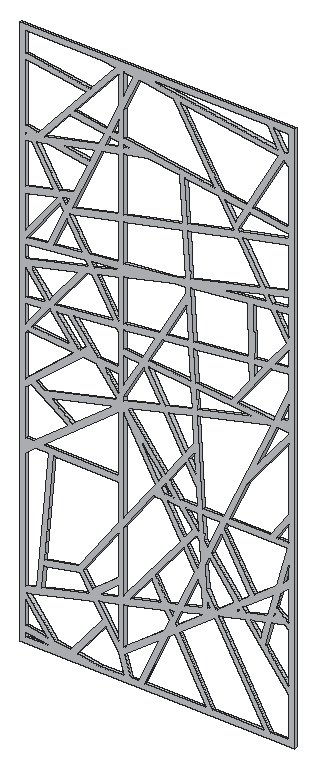
Revit family "J2 PET Felt Room Divider Shatter", category Specialty Equipment, Revit 2022
Family settings
  Round Connector Dimension = Use Diameter
  Part Type = Normal
  Work Plane-Based = No
  Always vertical = Yes
  Cut with Voids When Loaded = No
  Maintain Annotation Orientation = No
  Shared = No
  Room Calculation Point = No
Parameters
  URL = "https://www.j2systems.net/"
  Style Number = "RDSTTR"  # constant formula
  Symbol Name = "RDSTTR"  # constant formula
  Release Date = "2022"  # constant formula
  Product Line = "Room Divider"  # constant formula
  Model = "Shatter"  # constant formula
  Manufacturer = "J2 Systems"  # constant formula
  Keynote = ""
  Felt Color = none
  Default Elevation = 0' - 0"
Reference planes (in)
  plane 1 "Center (Front/Back)": y = 0
  plane 2: z = 0
  plane 3 "Center (Left/Right)": x = 0
Forms (in)
  Extrusion 1, solid, material <- "Felt Color"
    sketch origin (0, 0, 0) x (1, 0, 0) y (0, 0, 1)
      loop
        line (-23.5, 0) -> (23.5, 0) -> (23.5, 95) -> (-23.5, 95) -> (-23.5, 0)
      loop
        line (-9.2, 94.0625) -> (-22.58194, 94.0625) -> (-22.58194, 90.55833) -> (-11.3375, 89.03889) -> (-7.06111, 93.76528) -> (-9.2, 94.0625)
      loop
        line (-12.09385, 88.20295) -> (-22.57083, 89.61869) -> (-22.57083, 79.43194) -> (-20.30946, 79.12282) -> (-12.09385, 88.20295)
      loop
        line (-22.57222, 78.48259) -> (-22.57222, 78.12803) -> (-21.58978, 78.34829) -> (-22.57222, 78.48259)
      loop
        line (-22.57083, 70.07232) -> (-17.69667, 71.2498) -> (-21.50351, 77.40867) -> (-22.57083, 77.17004) -> (-22.57083, 70.07232)
      loop
        line (-22.57083, 69.11612) -> (-22.57083, 63.34428) -> (-17.09987, 70.28427) -> (-17.18243, 70.41783) -> (-22.57083, 69.11612)
      loop
        line (-22.57083, 61.28302) -> (-22.57083, 59.20163) -> (-22.3671, 58.9589) -> (-11.70143, 61.55044) -> (-12.25096, 62.43949) -> (-22.57083, 61.28302)
      loop
        line (-22.57083, 57.76287) -> (-22.57083, 53.09509) -> (-18.98544, 53.49121) -> (-22.57083, 57.76287)
      loop
        line (-22.57083, 52.16675) -> (-22.57083, 49.01035) -> (-19.72509, 52.48114) -> (-22.57083, 52.16675)
      loop
        line (-22.57083, 47.54395) -> (-22.57083, 40.5775) -> (-14.12695, 47.49736) -> (-22.15804, 48.04741) -> (-22.57083, 47.54395)
      loop
        line (-22.57083, 39.36638) -> (-22.57083, 31.48481) -> (-21.08375, 31.46568) -> (-15.18195, 35.8625) -> (-21.59095, 40.1694) -> (-22.57083, 39.36638)
      loop
        line (-22.57083, 29.19497) -> (-22.57083, 8.76285) -> (-20.64586, 9.22775) -> (-18.61243, 30.4951) -> (-20.78813, 30.52308) -> (-22.57083, 29.19497)
      loop
        line (-22.57083, 6.73744) -> (-22.57083, 2.69695) -> (-18.77002, 2.17927) -> (-22.57083, 6.73744)
      loop
        line (-22.57083, 1.74325) -> (-22.57083, 0.9375) -> (-17.73458, 0.9375) -> (-17.8729, 1.10338) -> (-22.57083, 1.74325)
      loop
        line (-9.65301, 0.9375) -> (-5.54359, 0.9375) -> (-6.52769, 4.17859) -> (-8.70971, 7.38103) -> (-13.67599, 1.48544) -> (-9.65301, 0.9375)
      loop
        line (-4.58153, 0.9375) -> (-3.20408, 0.9375) -> (0.43566, 8.49489) -> (-5.58048, 4.22753) -> (-4.58153, 0.9375)
      loop
        line (-2.19073, 0.9375) -> (8.4763, 0.9375) -> (3.11039, 10.39213) -> (1.97482, 9.58664) -> (-2.19073, 0.9375)
      loop
        line (9.52552, 0.9375) -> (18.36901, 0.9375) -> (9.87093, 15.1875) -> (3.85847, 10.92275) -> (9.52552, 0.9375)
      loop
        line (19.4353, 0.9375) -> (22.58333, 0.9375) -> (22.58333, 7.825) -> (15.00617, 16.84761) -> (10.5841, 15.77964) -> (19.4353, 0.9375)
      loop
        line (22.58333, 9.29911) -> (22.58333, 17.83799) -> (21.70373, 18.4345) -> (19.70552, 17.96673) -> (18.55999, 14.08996) -> (22.58333, 9.29911)
      loop
        line (22.58333, 18.96157) -> (22.58333, 24.20464) -> (21.27441, 23.2762) -> (20.43082, 20.42129) -> (22.58333, 18.96157)
      loop
        line (22.58333, 25.37213) -> (22.58333, 27.70592) -> (21.71086, 24.75327) -> (22.58333, 25.37213)
      loop
        line (22.58333, 31.26667) -> (22.58333, 34.0211) -> (20.56332, 31.26667) -> (22.58333, 31.26667)
      loop
        line (22.58333, 35.58754) -> (22.58333, 46.39414) -> (15.58849, 37.85343) -> (12.41621, 31.26667) -> (19.41454, 31.26667) -> (22.58333, 35.58754)
      loop
        line (22.58333, 47.86773) -> (22.58333, 48.14382) -> (20.60911, 48.27802) -> (17.31128, 41.43056) -> (22.58333, 47.86773)
      loop
        line (22.58333, 49.97766) -> (22.58333, 52.37721) -> (21.27403, 49.65862) -> (22.58333, 49.97766)
      loop
        line (22.58333, 54.48129) -> (22.58333, 57.15541) -> (19.51644, 56.81658) -> (13.87372, 49.67724) -> (20.06689, 49.25626) -> (22.58333, 54.48129)
      loop
        line (22.58333, 58.08376) -> (22.58333, 60.69691) -> (20.32038, 57.83375) -> (22.58333, 58.08376)
      loop
        line (22.58333, 62.69842) -> (22.58333, 66.3431) -> (20.4467, 66.10366) -> (22.58333, 62.69842)
      loop
        line (22.58333, 67.29683) -> (22.58333, 68.91946) -> (19.19629, 68.09648) -> (19.88759, 66.99473) -> (22.58333, 67.29683)
      loop
        line (22.58333, 69.88094) -> (22.58333, 76.95755) -> (14.74007, 75.19854) -> (18.67282, 68.93076) -> (22.58333, 69.88094)
      loop
        line (22.58333, 77.93057) -> (22.58333, 78.59671) -> (15.83805, 79.51383) -> (13.99908, 76.37948) -> (14.20486, 76.05153) -> (22.58333, 77.93057)
      loop
        line (22.58333, 79.54978) -> (22.58333, 88.90686) -> (21.76989, 89.62411) -> (16.35592, 80.3965) -> (22.58333, 79.54978)
      loop
        line (22.58333, 90.70466) -> (22.58333, 94.0625) -> (19.98001, 94.0625) -> (21.92453, 90.79393) -> (22.58333, 90.70466)
      loop
        line (18.90701, 94.0625) -> (-2.19722, 94.0625) -> (20.75745, 90.95207) -> (18.90701, 94.0625)
      loop
        line (20.88979, 89.97445) -> (4.03053, 92.26674) -> (11.02367, 81.1215) -> (15.35047, 80.5332) -> (20.88979, 89.97445)
      loop
        line (-4.00964, 93.35993) -> (-5.65278, 93.58334) -> (-5.65278, 89.94851) -> (-4.00964, 93.35993)
      loop
        line (2.8356, 92.42921) -> (-3.03614, 93.22756) -> (-5.65278, 87.79499) -> (-5.65278, 83.38893) -> (9.82873, 81.28397) -> (2.8356, 92.42921)
      loop
        line (-6.58056, 92.91264) -> (-14.16818, 84.54674) -> (-8.61806, 83.79211) -> (-6.58056, 88.0223) -> (-6.58056, 92.91264)
      loop
        line (-6.58056, 85.86878) -> (-7.64456, 83.65975) -> (-6.58056, 83.51508) -> (-6.58056, 85.86878)
      loop
        line (-6.58056, 82.562) -> (-8.0754, 82.76525) -> (-8.81984, 81.21968) -> (-6.58056, 81.72034) -> (-6.58056, 82.562)
      loop
        line (-6.58056, 80.74515) -> (-9.34623, 80.1268) -> (-14.39894, 69.63657) -> (-6.58056, 71.38999) -> (-6.58056, 80.74515)
      loop
        line (-6.58056, 63.07493) -> (-11.21529, 62.55555) -> (-10.73863, 61.78438) -> (-6.58056, 62.79471) -> (-6.58056, 63.07493)
      loop
        line (-6.58056, 61.83323) -> (-10.22193, 60.94845) -> (-6.58056, 55.05727) -> (-6.58056, 61.83323)
      loop
        line (-6.58056, 53.26566) -> (-6.96689, 53.89068) -> (-14.194, 53.09223) -> (-10.04173, 48.14786) -> (-6.58056, 47.91081) -> (-6.58056, 53.26566)
      loop
        line (-6.58056, 46.98052) -> (-9.2128, 47.1608) -> (-6.58056, 44.02642) -> (-6.58056, 46.98052)
      loop
        line (-6.58056, 41.10767) -> (-19.54937, 31.44595) -> (-6.58056, 31.27917) -> (-6.58056, 41.10767)
      loop
        line (-6.58056, 30.34037) -> (-17.69591, 30.48331) -> (-19.28202, 13.89443) -> (-13.48878, 15.02224) -> (-6.58056, 23.97527) -> (-6.58056, 30.34037)
      loop
        line (-6.58056, 22.4561) -> (-12.57296, 14.68997) -> (-10.96212, 12.32583) -> (-6.58056, 15.63798) -> (-6.58056, 22.4561)
      loop
        line (-6.58056, 14.47639) -> (-10.18021, 11.75531) -> (-6.58056, 12.62466) -> (-6.58056, 14.47639)
      loop
        line (-6.58056, 11.63422) -> (-9.93834, 10.82328) -> (-6.58056, 5.89524) -> (-6.58056, 11.63422)
      loop
        line (-5.65278, 11.85828) -> (-5.65278, 5.34372) -> (1.28968, 10.26814) -> (2.15778, 12.07062) -> (1.32224, 13.54282) -> (-5.65278, 11.85828)
      loop
        line (-5.65278, 23.65849) -> (-5.65278, 13.15368) -> (4.06856, 24.91722) -> (0.84112, 30.32916) -> (-0.50564, 30.32916) -> (-5.65278, 23.65849)
      loop
        line (-5.65278, 41.21846) -> (-5.65278, 25.17767) -> (-0.25701, 32.17056) -> (-5.65278, 41.21846)
      loop
        line (-5.65278, 50.06316) -> (-5.65278, 45.49382) -> (-3.01346, 49.88375) -> (-5.65278, 50.06316)
      loop
        line (-5.65278, 54.03587) -> (-5.65278, 51.00454) -> (-2.4697, 50.78818) -> (-0.15173, 54.64363) -> (-5.65278, 54.03587)
      loop
        line (-5.65278, 62.05866) -> (-5.65278, 54.96421) -> (0.44613, 55.63803) -> (4.98088, 63.1806) -> (4.90906, 64.36248) -> (2.90405, 64.13779) -> (-5.65278, 62.05866)
      loop
        line (-5.65278, 70.62505) -> (-5.65278, 64.13263) -> (2.84484, 65.08489) -> (4.83575, 65.56864) -> (4.39157, 72.87769) -> (-5.65278, 70.62505)
      loop
        line (-5.65278, 80.95258) -> (-5.65278, 71.59806) -> (4.33323, 73.83762) -> (3.88954, 81.13843) -> (-1.52737, 81.87494) -> (-5.65278, 80.95258)
      loop
        line (-5.65278, 82.43586) -> (-5.65278, 81.92777) -> (-4.23964, 82.24372) -> (-5.65278, 82.43586)
      loop
        line (-9.04891, 82.89762) -> (-14.9377, 83.69829) -> (-19.31367, 78.87346) -> (-9.98228, 80.95978) -> (-9.04891, 82.89762)
      loop
        line (-10.50868, 79.8669) -> (-16.29264, 78.57372) -> (-11.45037, 77.91178) -> (-10.50868, 79.8669)
      loop
        line (-11.8696, 77.04141) -> (-18.86753, 77.99802) -> (-20.53056, 77.6262) -> (-16.73314, 71.48256) -> (-14.2592, 72.08021) -> (-11.8696, 77.04141)
      loop
        line (-14.78041, 70.9981) -> (-16.21889, 70.6506) -> (-15.50449, 69.4948) -> (-14.78041, 70.9981)
      loop
        line (-15.40651, 67.54468) -> (-17.70023, 62.78256) -> (-12.80228, 63.33144) -> (-15.40651, 67.54468)
      loop
        line (-15.98949, 68.48785) -> (-16.59477, 69.4671) -> (-22.26787, 62.2707) -> (-18.79667, 62.65969) -> (-15.98949, 68.48785)
      loop
        line (14.8326, 79.65054) -> (11.67746, 80.07953) -> (13.43804, 77.27363) -> (14.8326, 79.65054)
      loop
        line (10.48252, 80.242) -> (4.80841, 81.01349) -> (5.23225, 74.03924) -> (13.24669, 75.83664) -> (10.48252, 80.242)
      loop
        line (13.7819, 74.98366) -> (5.29059, 73.07931) -> (5.73377, 65.78684) -> (17.72441, 68.70032) -> (13.7819, 74.98366)
      loop
        line (-6.58056, 70.41697) -> (-14.91864, 68.547) -> (-11.76661, 63.4475) -> (-6.58056, 64.02866) -> (-6.58056, 70.41697)
      loop
        line (-11.18474, 60.71451) -> (-11.91829, 60.53627) -> (-17.56603, 53.64803) -> (-7.50402, 54.75969) -> (-11.18474, 60.71451)
      loop
        line (19.42551, 65.98922) -> (16.49587, 65.66092) -> (16.66574, 57.42998) -> (19.0192, 57.69) -> (22.14857, 61.64937) -> (19.42551, 65.98922)
      loop
        line (5.81416, 64.46391) -> (6.31115, 56.286) -> (15.73608, 57.32727) -> (15.56624, 65.55675) -> (5.81416, 64.46391)
      loop
        line (18.24789, 67.86604) -> (10.189, 65.90789) -> (18.8664, 66.8803) -> (18.24789, 67.86604)
      loop
        line (-21.69679, 58.16029) -> (-18.34393, 54.16568) -> (-13.41973, 60.17145) -> (-21.69679, 58.16029)
      loop
        line (-22.29876, 7.83812) -> (-17.4277, 1.99644) -> (-14.78407, 1.63637) -> (-9.26206, 8.19168) -> (-10.89732, 10.59168) -> (-22.29876, 7.83812)
      loop
        line (8.7397, 16.32464) -> (9.13575, 16.42029) -> (8.68828, 17.17063) -> (8.7397, 16.32464)
      loop
        line (10.06781, 16.64539) -> (10.39007, 16.72322) -> (13.3484, 18.82162) -> (8.94678, 24.06291) -> (8.34532, 22.81405) -> (8.56729, 19.16154) -> (10.06781, 16.64539)
      loop
        line (12.88571, 17.32594) -> (14.31465, 17.67104) -> (13.96284, 18.08997) -> (12.88571, 17.32594)
      loop
        line (15.34386, 17.91961) -> (18.97735, 18.79713) -> (20.0427, 22.40252) -> (14.73866, 18.64027) -> (15.34386, 17.91961)
      loop
        line (1.75063, 14.63672) -> (3.60991, 15.08575) -> (6.43431, 20.95021) -> (4.57265, 24.07194) -> (-0.27503, 18.20589) -> (1.75063, 14.63672)
      loop
        line (-4.46514, 13.13555) -> (0.82789, 14.41386) -> (-0.89706, 17.45319) -> (-4.46514, 13.13555)
      loop
        line (-19.70652, 9.45461) -> (-11.47682, 11.44216) -> (-13.29787, 14.11482) -> (-19.37405, 12.93192) -> (-19.70652, 9.45461)
      loop
        line (2.24499, 13.76567) -> (2.63942, 13.07068) -> (3.07011, 13.96494) -> (2.24499, 13.76567)
      loop
        line (4.21685, 14.24189) -> (3.1876, 12.10481) -> (3.38605, 11.75514) -> (8.27289, 15.22146) -> (4.21685, 14.24189)
      loop
        line (16.03538, 17.09618) -> (17.83983, 14.9475) -> (18.66219, 17.73057) -> (16.03538, 17.09618)
      loop
        line (5.08011, 61.5478) -> (1.60394, 55.76594) -> (5.40596, 56.18599) -> (5.08011, 61.5478)
      loop
        line (6.36719, 55.36384) -> (6.68308, 50.16602) -> (12.74671, 49.75384) -> (15.81233, 53.63257) -> (15.7552, 56.40104) -> (6.36719, 55.36384)
      loop
        line (5.462, 55.26384) -> (1.00608, 54.77154) -> (-1.43124, 50.71759) -> (5.76803, 50.22822) -> (5.462, 55.26384)
      loop
        line (5.82547, 49.28293) -> (-1.35831, 49.77125) -> (1.53322, 44.84837) -> (6.02841, 45.94372) -> (5.82547, 49.28293)
      loop
        line (6.74053, 49.22073) -> (6.92638, 46.16252) -> (16.69894, 48.54381) -> (6.74053, 49.22073)
      loop
        line (6.98421, 45.21088) -> (7.83163, 31.26667) -> (11.40286, 31.26667) -> (19.59899, 48.28473) -> (6.98421, 45.21088)
      loop
        line (6.08624, 44.99207) -> (2.02944, 44.00355) -> (4.9875, 38.96742) -> (6.34542, 40.72728) -> (6.08624, 44.99207)
      loop
        line (6.431, 39.31902) -> (5.49414, 38.10485) -> (6.62143, 36.18563) -> (6.431, 39.31902)
      loop
        line (6.74741, 34.11257) -> (4.87431, 37.30155) -> (2.09351, 33.69765) -> (4.13504, 31.26667) -> (6.92036, 31.26667) -> (6.74741, 34.11257)
      loop
        line (6.97734, 30.32916) -> (4.92236, 30.32916) -> (7.13765, 27.69127) -> (6.97734, 30.32916)
      loop
        line (7.88861, 30.32916) -> (8.12001, 26.52151) -> (8.75396, 25.76663) -> (10.95134, 30.32916) -> (7.88861, 30.32916)
      loop
        line (7.23422, 26.10217) -> (6.73836, 26.69262) -> (5.192, 24.8214) -> (6.91071, 21.93938) -> (7.42261, 23.00227) -> (7.23422, 26.10217)
      loop
        line (7.67361, 18.87209) -> (6.99492, 20.01015) -> (4.75664, 15.36269) -> (7.84161, 16.10774) -> (7.67361, 18.87209)
      loop
        line (-17.16722, 52.76374) -> (-13.49119, 48.38411) -> (-13.07933, 48.3559) -> (-12.11682, 49.14469) -> (-15.32684, 52.96707) -> (-17.16722, 52.76374)
      loop
        line (16.68486, 56.50375) -> (16.7204, 54.78148) -> (18.21526, 56.67283) -> (16.68486, 56.50375)
      loop
        line (-18.33246, 52.71326) -> (-21.43584, 48.92823) -> (-14.77246, 48.47186) -> (-18.33246, 52.71326)
      loop
        line (-2.2277, 49.39284) -> (-5.65278, 43.69597) -> (-5.65278, 43.09735) -> (0.57824, 44.61567) -> (-2.2277, 49.39284)
      loop
        line (-12.76307, 47.40395) -> (-20.84362, 40.78185) -> (-19.32992, 39.76464) -> (-6.80293, 42.8171) -> (-10.5263, 47.25076) -> (-12.76307, 47.40395)
      loop
        line (9.39798, 24.99975) -> (14.12422, 19.37192) -> (15.9368, 20.65761) -> (11.08007, 28.49236) -> (9.39798, 24.99975)
      loop
        line (3.6844, 30.32916) -> (1.90741, 30.32916) -> (4.68791, 25.66668) -> (6.13221, 27.4144) -> (3.6844, 30.32916)
      loop
        line (1.50073, 32.92941) -> (0.85545, 32.09314) -> (1.34833, 31.26667) -> (2.89709, 31.26667) -> (1.50073, 32.92941)
      loop
        line (-2.44567, 37.62864) -> (0.34444, 32.95004) -> (0.88982, 33.65685) -> (-2.44567, 37.62864)
      loop
        line (-5.10202, 42.26583) -> (1.48261, 34.42509) -> (4.36767, 38.16412) -> (1.07446, 43.77085) -> (-5.10202, 42.26583)
      loop
        line (-18.27525, 39.0559) -> (-14.39531, 36.44855) -> (-7.30854, 41.72816) -> (-18.27525, 39.0559)
      loop
        line (11.9647, 30.32916) -> (11.5588, 29.48638) -> (16.69732, 21.19707) -> (20.47915, 23.87959) -> (22.38492, 30.32916) -> (11.9647, 30.32916)
      loop
        line (20.15423, 19.48527) -> (20.02571, 19.05032) -> (20.59344, 19.18743) -> (20.15423, 19.48527)
    from 0.25 to -0.25
Dimensions and locks (in)
  aligned and locked: level to plane 2
